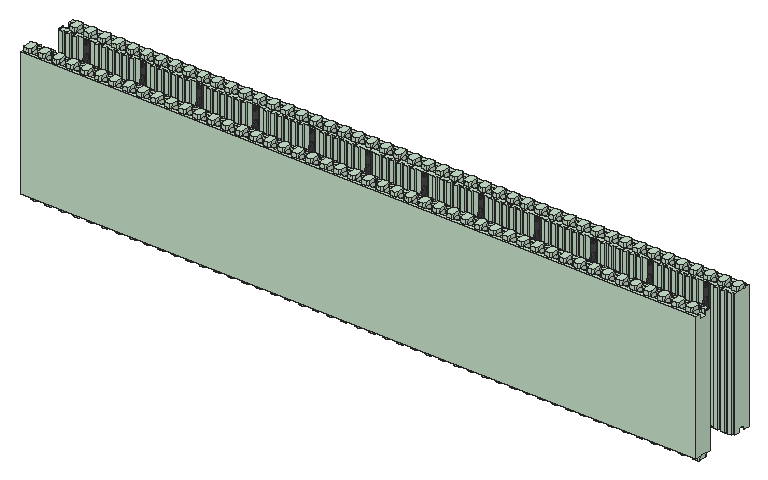
Revit family
Reference planes
  plane 1 "Center (Front/Back)": y = 0
  plane 2: z = 0
  plane 3 "Center (Left/Right)": x = 0
Forms (mm)
  Extrusion 1, solid, material "NUDURA Expanded Polystyrene Foam Insulation"
    sketch origin (0, 0.045, 0) x (1, 0, 0) y (0, 1, 0)
      loop
        line (7.142, 57.15) -> (5.558, 50.8) -> (19.842, 50.8) -> (18.258, 57.15) -> (32.542, 57.15) -> (30.958, 50.8) -> (45.242, 50.8) -> (43.658, 57.15) -> (57.942, 57.15) -> (56.358, 50.8) -> (70.642, 50.8) -> (69.058, 57.15) -> (134.142, 57.15) -> (132.558, 50.8) -> (146.842, 50.8) -> (145.258, 57.15) -> (159.542, 57.15) -> (157.958, 50.8) -> (172.242, 50.8) -> (170.658, 57.15) -> (184.942, 57.15) -> (183.358, 50.8) -> (197.642, 50.8) -> (196.058, 57.15) -> (210.342, 57.15) -> (208.758, 50.8) -> (223.042, 50.8) -> (221.458, 57.15) -> (235.742, 57.15) -> (234.158, 50.8) -> (248.442, 50.8) -> (246.858, 57.15) -> (261.142, 57.15) -> (259.558, 50.8) -> (273.842, 50.8) -> (272.258, 57.15) -> (337.342, 57.15) -> (335.758, 50.8) -> (350.042, 50.8) -> (348.458, 57.15) -> (362.742, 57.15) -> (361.158, 50.8) -> (375.442, 50.8) -> (373.858, 57.15) -> (388.142, 57.15) -> (386.558, 50.8) -> (400.842, 50.8) -> (399.258, 57.15) -> (413.542, 57.15) -> (411.958, 50.8) -> (426.242, 50.8) -> (424.658, 57.15) -> (438.942, 57.15) -> (437.358, 50.8) -> (451.642, 50.8) -> (450.058, 57.15) -> (464.342, 57.15) -> (462.758, 50.8) -> (477.042, 50.8) -> (475.458, 57.15) -> (540.542, 57.15) -> (538.958, 50.8) -> (553.242, 50.8) -> (551.658, 57.15) -> (565.942, 57.15) -> (564.358, 50.8) -> (578.642, 50.8) -> (577.058, 57.15) -> (591.342, 57.15) -> (589.758, 50.8) -> (604.042, 50.8) -> (602.458, 57.15) -> (616.742, 57.15) -> (615.158, 50.8) -> (629.442, 50.8) -> (627.858, 57.15) -> (642.142, 57.15) -> (640.558, 50.8) -> (654.842, 50.8) -> (653.258, 57.15) -> (667.542, 57.15) -> (665.958, 50.8) -> (680.242, 50.8) -> (678.658, 57.15) -> (743.742, 57.15) -> (742.158, 50.8) -> (756.442, 50.8) -> (754.858, 57.15) -> (769.142, 57.15) -> (767.558, 50.8) -> (781.842, 50.8) -> (780.258, 57.15) -> (794.542, 57.15) -> (792.958, 50.8) -> (807.242, 50.8) -> (805.658, 57.15) -> (819.942, 57.15) -> (818.358, 50.8) -> (832.642, 50.8) -> (831.058, 57.15) -> (845.342, 57.15) -> (843.758, 50.8) -> (858.042, 50.8) -> (856.458, 57.15) -> (870.742, 57.15) -> (869.158, 50.8) -> (883.442, 50.8) -> (881.858, 57.15) -> (946.942, 57.15) -> (945.358, 50.8) -> (959.642, 50.8) -> (958.058, 57.15) -> (972.342, 57.15) -> (970.758, 50.8) -> (985.042, 50.8) -> (983.458, 57.15) -> (997.742, 57.15) -> (996.158, 50.8) -> (1010.442, 50.8) -> (1008.858, 57.15) -> (1023.142, 57.15) -> (1021.558, 50.8) -> (1035.842, 50.8) -> (1034.258, 57.15) -> (1048.542, 57.15) -> (1046.958, 50.8) -> (1061.242, 50.8) -> (1059.658, 57.15) -> (1073.942, 57.15) -> (1072.358, 50.8) -> (1086.642, 50.8) -> (1085.058, 57.15) -> (1150.142, 57.15) -> (1148.558, 50.8) -> (1162.842, 50.8) -> (1161.258, 57.15) -> (1175.542, 57.15) -> (1173.958, 50.8) -> (1188.242, 50.8) -> (1186.658, 57.15) -> (1200.942, 57.15) -> (1199.358, 50.8) -> (1213.642, 50.8) -> (1212.058, 57.15) -> (1226.342, 57.15) -> (1224.758, 50.8) -> (1239.042, 50.8) -> (1237.458, 57.15) -> (1251.742, 57.15) -> (1250.158, 50.8) -> (1264.442, 50.8) -> (1262.858, 57.15) -> (1277.142, 57.15) -> (1275.558, 50.8) -> (1289.842, 50.8) -> (1288.258, 57.15) -> (1353.342, 57.15) -> (1351.758, 50.8) -> (1366.042, 50.8) -> (1364.458, 57.15) -> (1378.742, 57.15) -> (1377.158, 50.8) -> (1391.442, 50.8) -> (1389.858, 57.15) -> (1404.142, 57.15) -> (1402.558, 50.8) -> (1416.842, 50.8) -> (1415.258, 57.15) -> (1429.542, 57.15) -> (1427.958, 50.8) -> (1442.242, 50.8) -> (1440.658, 57.15) -> (1454.942, 57.15) -> (1453.358, 50.8) -> (1467.642, 50.8) -> (1466.058, 57.15) -> (1480.342, 57.15) -> (1478.758, 50.8) -> (1493.042, 50.8) -> (1491.458, 57.15) -> (1556.542, 57.15) -> (1554.958, 50.8) -> (1569.242, 50.8) -> (1567.658, 57.15) -> (1581.942, 57.15) -> (1580.358, 50.8) -> (1594.642, 50.8) -> (1593.058, 57.15) -> (1607.342, 57.15) -> (1605.758, 50.8) -> (1620.042, 50.8) -> (1618.458, 57.15) -> (1632.742, 57.15) -> (1631.158, 50.8) -> (1645.442, 50.8) -> (1643.858, 57.15) -> (1658.142, 57.15) -> (1656.558, 50.8) -> (1670.842, 50.8) -> (1669.258, 57.15) -> (1683.542, 57.15) -> (1681.958, 50.8) -> (1696.242, 50.8) -> (1694.658, 57.15) -> (1759.742, 57.15) -> (1758.158, 50.8) -> (1772.442, 50.8) -> (1770.858, 57.15) -> (1785.142, 57.15) -> (1783.558, 50.8) -> (1797.842, 50.8) -> (1796.258, 57.15) -> (1810.542, 57.15) -> (1808.958, 50.8) -> (1823.242, 50.8) -> (1821.658, 57.15) -> (1835.942, 57.15) -> (1834.358, 50.8) -> (1848.642, 50.8) -> (1847.058, 57.15) -> (1861.342, 57.15) -> (1859.758, 50.8) -> (1874.042, 50.8) -> (1872.458, 57.15) -> (1886.742, 57.15) -> (1885.158, 50.8) -> (1899.442, 50.8) -> (1897.858, 57.15) -> (1962.942, 57.15) -> (1961.358, 50.8) -> (1975.642, 50.8) -> (1974.058, 57.15) -> (1988.342, 57.15) -> (1986.758, 50.8) -> (2001.042, 50.8) -> (1999.458, 57.15) -> (2013.742, 57.15) -> (2012.158, 50.8) -> (2026.442, 50.8) -> (2024.858, 57.15) -> (2039.142, 57.15) -> (2037.558, 50.8) -> (2051.842, 50.8) -> (2050.258, 57.15) -> (2064.542, 57.15) -> (2062.958, 50.8) -> (2077.242, 50.8) -> (2075.658, 57.15) -> (2089.942, 57.15) -> (2088.358, 50.8) -> (2102.642, 50.8) -> (2101.058, 57.15) -> (2166.142, 57.15) -> (2164.558, 50.8) -> (2178.842, 50.8) -> (2177.258, 57.15) -> (2191.542, 57.15) -> (2189.958, 50.8) -> (2204.242, 50.8) -> (2202.658, 57.15) -> (2216.942, 57.15) -> (2215.358, 50.8) -> (2229.642, 50.8) -> (2228.058, 57.15) -> (2242.342, 57.15) -> (2240.758, 50.8) -> (2255.042, 50.8) -> (2253.458, 57.15) -> (2267.742, 57.15) -> (2266.158, 50.8) -> (2280.442, 50.8) -> (2278.858, 57.15) -> (2293.142, 57.15) -> (2291.558, 50.8) -> (2305.842, 50.8) -> (2304.258, 57.15) -> (2369.342, 57.15) -> (2367.758, 50.8) -> (2382.042, 50.8) -> (2380.458, 57.15) -> (2394.742, 57.15) -> (2393.158, 50.8) -> (2407.442, 50.8) -> (2405.858, 57.15) -> (2420.142, 57.15) -> (2418.558, 50.8) -> (2432.842, 50.8) -> (2431.258, 57.15) -> (2438.4, 57.15) -> (2438.4, 117.475) -> (0, 117.475) -> (0, 57.15) -> (7.142, 57.15)
      loop
        line (7.142, -57.15) -> (0, -57.15) -> (0, -117.475) -> (2438.4, -117.475) -> (2438.4, -57.15) -> (2431.258, -57.15) -> (2432.842, -50.8) -> (2418.558, -50.8) -> (2420.142, -57.15) -> (2405.858, -57.15) -> (2407.442, -50.8) -> (2393.158, -50.8) -> (2394.742, -57.15) -> (2380.458, -57.15) -> (2382.042, -50.8) -> (2367.758, -50.8) -> (2369.342, -57.15) -> (2304.258, -57.15) -> (2305.842, -50.8) -> (2291.558, -50.8) -> (2293.142, -57.15) -> (2278.858, -57.15) -> (2280.442, -50.8) -> (2266.158, -50.8) -> (2267.742, -57.15) -> (2253.458, -57.15) -> (2255.042, -50.8) -> (2240.758, -50.8) -> (2242.342, -57.15) -> (2228.058, -57.15) -> (2229.642, -50.8) -> (2215.358, -50.8) -> (2216.942, -57.15) -> (2202.658, -57.15) -> (2204.242, -50.8) -> (2189.958, -50.8) -> (2191.542, -57.15) -> (2177.258, -57.15) -> (2178.842, -50.8) -> (2164.558, -50.8) -> (2166.142, -57.15) -> (2101.058, -57.15) -> (2102.642, -50.8) -> (2088.358, -50.8) -> (2089.942, -57.15) -> (2075.658, -57.15) -> (2077.242, -50.8) -> (2062.958, -50.8) -> (2064.542, -57.15) -> (2050.258, -57.15) -> (2051.842, -50.8) -> (2037.558, -50.8) -> (2039.142, -57.15) -> (2024.858, -57.15) -> (2026.442, -50.8) -> (2012.158, -50.8) -> (2013.742, -57.15) -> (1999.458, -57.15) -> (2001.042, -50.8) -> (1986.758, -50.8) -> (1988.342, -57.15) -> (1974.058, -57.15) -> (1975.642, -50.8) -> (1961.358, -50.8) -> (1962.942, -57.15) -> (1897.858, -57.15) -> (1899.442, -50.8) -> (1885.158, -50.8) -> (1886.742, -57.15) -> (1872.458, -57.15) -> (1874.042, -50.8) -> (1859.758, -50.8) -> (1861.342, -57.15) -> (1847.058, -57.15) -> (1848.642, -50.8) -> (1834.358, -50.8) -> (1835.942, -57.15) -> (1821.658, -57.15) -> (1823.242, -50.8) -> (1808.958, -50.8) -> (1810.542, -57.15) -> (1796.258, -57.15) -> (1797.842, -50.8) -> (1783.558, -50.8) -> (1785.142, -57.15) -> (1770.858, -57.15) -> (1772.442, -50.8) -> (1758.158, -50.8) -> (1759.742, -57.15) -> (1694.658, -57.15) -> (1696.242, -50.8) -> (1681.958, -50.8) -> (1683.542, -57.15) -> (1669.258, -57.15) -> (1670.842, -50.8) -> (1656.558, -50.8) -> (1658.142, -57.15) -> (1643.858, -57.15) -> (1645.442, -50.8) -> (1631.158, -50.8) -> (1632.742, -57.15) -> (1618.458, -57.15) -> (1620.042, -50.8) -> (1605.758, -50.8) -> (1607.342, -57.15) -> (1593.058, -57.15) -> (1594.642, -50.8) -> (1580.358, -50.8) -> (1581.942, -57.15) -> (1567.658, -57.15) -> (1569.242, -50.8) -> (1554.958, -50.8) -> (1556.542, -57.15) -> (1491.458, -57.15) -> (1493.042, -50.8) -> (1478.758, -50.8) -> (1480.342, -57.15) -> (1466.058, -57.15) -> (1467.642, -50.8) -> (1453.358, -50.8) -> (1454.942, -57.15) -> (1440.658, -57.15) -> (1442.242, -50.8) -> (1427.958, -50.8) -> (1429.542, -57.15) -> (1415.258, -57.15) -> (1416.842, -50.8) -> (1402.558, -50.8) -> (1404.142, -57.15) -> (1389.858, -57.15) -> (1391.442, -50.8) -> (1377.158, -50.8) -> (1378.742, -57.15) -> (1364.458, -57.15) -> (1366.042, -50.8) -> (1351.758, -50.8) -> (1353.342, -57.15) -> (1288.258, -57.15) -> (1289.842, -50.8) -> (1275.558, -50.8) -> (1277.142, -57.15) -> (1262.858, -57.15) -> (1264.442, -50.8) -> (1250.158, -50.8) -> (1251.742, -57.15) -> (1237.458, -57.15) -> (1239.042, -50.8) -> (1224.758, -50.8) -> (1226.342, -57.15) -> (1212.058, -57.15) -> (1213.642, -50.8) -> (1199.358, -50.8) -> (1200.942, -57.15) -> (1186.658, -57.15) -> (1188.242, -50.8) -> (1173.958, -50.8) -> (1175.542, -57.15) -> (1161.258, -57.15) -> (1162.842, -50.8) -> (1148.558, -50.8) -> (1150.142, -57.15) -> (1085.058, -57.15) -> (1086.642, -50.8) -> (1072.358, -50.8) -> (1073.942, -57.15) -> (1059.658, -57.15) -> (1061.242, -50.8) -> (1046.958, -50.8) -> (1048.542, -57.15) -> (1034.258, -57.15) -> (1035.842, -50.8) -> (1021.558, -50.8) -> (1023.142, -57.15) -> (1008.858, -57.15) -> (1010.442, -50.8) -> (996.158, -50.8) -> (997.742, -57.15) -> (983.458, -57.15) -> (985.042, -50.8) -> (970.758, -50.8) -> (972.342, -57.15) -> (958.058, -57.15) -> (959.642, -50.8) -> (945.358, -50.8) -> (946.942, -57.15) -> (881.858, -57.15) -> (883.442, -50.8) -> (869.158, -50.8) -> (870.742, -57.15) -> (856.458, -57.15) -> (858.042, -50.8) -> (843.758, -50.8) -> (845.342, -57.15) -> (831.058, -57.15) -> (832.642, -50.8) -> (818.358, -50.8) -> (819.942, -57.15) -> (805.658, -57.15) -> (807.242, -50.8) -> (792.958, -50.8) -> (794.542, -57.15) -> (780.258, -57.15) -> (781.842, -50.8) -> (767.558, -50.8) -> (769.142, -57.15) -> (754.858, -57.15) -> (756.442, -50.8) -> (742.158, -50.8) -> (743.742, -57.15) -> (678.658, -57.15) -> (680.242, -50.8) -> (665.958, -50.8) -> (667.542, -57.15) -> (653.258, -57.15) -> (654.842, -50.8) -> (640.558, -50.8) -> (642.142, -57.15) -> (627.858, -57.15) -> (629.442, -50.8) -> (615.158, -50.8) -> (616.742, -57.15) -> (602.458, -57.15) -> (604.042, -50.8) -> (589.758, -50.8) -> (591.342, -57.15) -> (577.058, -57.15) -> (578.642, -50.8) -> (564.358, -50.8) -> (565.942, -57.15) -> (551.658, -57.15) -> (553.242, -50.8) -> (538.958, -50.8) -> (540.542, -57.15) -> (475.458, -57.15) -> (477.042, -50.8) -> (462.758, -50.8) -> (464.342, -57.15) -> (450.058, -57.15) -> (451.642, -50.8) -> (437.358, -50.8) -> (438.942, -57.15) -> (424.658, -57.15) -> (426.242, -50.8) -> (411.958, -50.8) -> (413.542, -57.15) -> (399.258, -57.15) -> (400.842, -50.8) -> (386.558, -50.8) -> (388.142, -57.15) -> (373.858, -57.15) -> (375.442, -50.8) -> (361.158, -50.8) -> (362.742, -57.15) -> (348.458, -57.15) -> (350.042, -50.8) -> (335.758, -50.8) -> (337.342, -57.15) -> (272.258, -57.15) -> (273.842, -50.8) -> (259.558, -50.8) -> (261.142, -57.15) -> (246.858, -57.15) -> (248.442, -50.8) -> (234.158, -50.8) -> (235.742, -57.15) -> (221.458, -57.15) -> (223.042, -50.8) -> (208.758, -50.8) -> (210.342, -57.15) -> (196.058, -57.15) -> (197.642, -50.8) -> (183.358, -50.8) -> (184.942, -57.15) -> (170.658, -57.15) -> (172.242, -50.8) -> (157.958, -50.8) -> (159.542, -57.15) -> (145.258, -57.15) -> (146.842, -50.8) -> (132.558, -50.8) -> (134.142, -57.15) -> (69.058, -57.15) -> (70.642, -50.8) -> (56.358, -50.8) -> (57.942, -57.15) -> (43.658, -57.15) -> (45.242, -50.8) -> (30.958, -50.8) -> (32.542, -57.15) -> (18.258, -57.15) -> (19.842, -50.8) -> (5.558, -50.8) -> (7.142, -57.15)
    from 0 to 457.2
  Extrusion 2, void
    sketch origin (0, 25.445, 0) x (1, 0, 0) y (0, 1, 0)
      loop
        arc (25.4, -124.411) -> (26.615, -128.147) -> (29.796, -130.453) r 6.35
        arc (29.796, -130.453) -> (38.1, -131.763) -> (46.404, -130.453) r 26.987
        arc (46.404, -130.453) -> (49.585, -128.147) -> (50.8, -124.411) r 6.35
        line (50.8, -124.411) -> (50.8, -101.014)
        arc (50.8, -101.014) -> (50.362, -98.696) -> (49.108, -96.698) r 6.35
        arc (49.108, -96.698) -> (48.795, -96.199) -> (48.685, -95.62) r 1.588
        line (48.685, -95.62) -> (48.685, -86.829) -> (44.346, -86.829) -> (44.346, -92.457)
        arc (44.346, -92.457) -> (43.786, -93.668) -> (42.5, -94.024) r 1.587
        arc (42.5, -94.024) -> (36.091, -93.737) -> (29.796, -94.972) r 26.988
        arc (29.796, -94.972) -> (26.615, -97.278) -> (25.4, -101.014) r 6.35
        line (25.4, -101.014) -> (25.4, -124.411)
    from 457.2 to 444.5
  Extrusion 3, void
    sketch origin (50.8, 25.445, 0) x (1, 0, 0) y (0, 1, 0)
      loop
        arc (25.4, -124.411) -> (26.615, -128.147) -> (29.796, -130.453) r 6.35
        arc (29.796, -130.453) -> (38.1, -131.763) -> (46.404, -130.453) r 26.987
        arc (46.404, -130.453) -> (49.585, -128.147) -> (50.8, -124.411) r 6.35
        line (50.8, -124.411) -> (50.8, -101.014)
        arc (50.8, -101.014) -> (50.362, -98.696) -> (49.108, -96.698) r 6.35
        arc (49.108, -96.698) -> (48.795, -96.199) -> (48.685, -95.62) r 1.588
        line (48.685, -95.62) -> (48.685, -86.829) -> (44.346, -86.829) -> (44.346, -92.457)
        arc (44.346, -92.457) -> (43.786, -93.668) -> (42.5, -94.024) r 1.587
        arc (42.5, -94.024) -> (36.091, -93.737) -> (29.796, -94.972) r 26.988
        arc (29.796, -94.972) -> (26.615, -97.278) -> (25.4, -101.014) r 6.35
        line (25.4, -101.014) -> (25.4, -124.411)
    from 457.2 to 444.5
  Extrusion 4, void
    sketch origin (101.6, 25.445, 0) x (1, 0, 0) y (0, 1, 0)
      loop
        arc (25.4, -124.411) -> (26.615, -128.147) -> (29.796, -130.453) r 6.35
        arc (29.796, -130.453) -> (38.1, -131.763) -> (46.404, -130.453) r 26.987
        arc (46.404, -130.453) -> (49.585, -128.147) -> (50.8, -124.411) r 6.35
        line (50.8, -124.411) -> (50.8, -101.014)
        arc (50.8, -101.014) -> (50.362, -98.696) -> (49.108, -96.698) r 6.35
        arc (49.108, -96.698) -> (48.795, -96.199) -> (48.685, -95.62) r 1.588
        line (48.685, -95.62) -> (48.685, -86.829) -> (44.346, -86.829) -> (44.346, -92.457)
        arc (44.346, -92.457) -> (43.786, -93.668) -> (42.5, -94.024) r 1.587
        arc (42.5, -94.024) -> (36.091, -93.737) -> (29.796, -94.972) r 26.988
        arc (29.796, -94.972) -> (26.615, -97.278) -> (25.4, -101.014) r 6.35
        line (25.4, -101.014) -> (25.4, -124.411)
    from 457.2 to 444.5
  Extrusion 5, void
    sketch origin (152.4, 25.445, 0) x (1, 0, 0) y (0, 1, 0)
      loop
        arc (25.4, -124.411) -> (26.615, -128.147) -> (29.796, -130.453) r 6.35
        arc (29.796, -130.453) -> (38.1, -131.763) -> (46.404, -130.453) r 26.987
        arc (46.404, -130.453) -> (49.585, -128.147) -> (50.8, -124.411) r 6.35
        line (50.8, -124.411) -> (50.8, -101.014)
        arc (50.8, -101.014) -> (50.362, -98.696) -> (49.108, -96.698) r 6.35
        arc (49.108, -96.698) -> (48.795, -96.199) -> (48.685, -95.62) r 1.588
        line (48.685, -95.62) -> (48.685, -86.829) -> (44.346, -86.829) -> (44.346, -92.457)
        arc (44.346, -92.457) -> (43.786, -93.668) -> (42.5, -94.024) r 1.587
        arc (42.5, -94.024) -> (36.091, -93.737) -> (29.796, -94.972) r 26.988
        arc (29.796, -94.972) -> (26.615, -97.278) -> (25.4, -101.014) r 6.35
        line (25.4, -101.014) -> (25.4, -124.411)
    from 457.2 to 444.5
  Extrusion 6, void
    sketch origin (203.2, 25.445, 0) x (1, 0, 0) y (0, 1, 0)
      loop
        arc (25.4, -124.411) -> (26.615, -128.147) -> (29.796, -130.453) r 6.35
        arc (29.796, -130.453) -> (38.1, -131.763) -> (46.404, -130.453) r 26.987
        arc (46.404, -130.453) -> (49.585, -128.147) -> (50.8, -124.411) r 6.35
        line (50.8, -124.411) -> (50.8, -101.014)
        arc (50.8, -101.014) -> (50.362, -98.696) -> (49.108, -96.698) r 6.35
        arc (49.108, -96.698) -> (48.795, -96.199) -> (48.685, -95.62) r 1.588
        line (48.685, -95.62) -> (48.685, -86.829) -> (44.346, -86.829) -> (44.346, -92.457)
        arc (44.346, -92.457) -> (43.786, -93.668) -> (42.5, -94.024) r 1.587
        arc (42.5, -94.024) -> (36.091, -93.737) -> (29.796, -94.972) r 26.988
        arc (29.796, -94.972) -> (26.615, -97.278) -> (25.4, -101.014) r 6.35
        line (25.4, -101.014) -> (25.4, -124.411)
    from 457.2 to 444.5
  Extrusion 7, void
    sketch origin (254, 25.445, 0) x (1, 0, 0) y (0, 1, 0)
      loop
        arc (25.4, -124.411) -> (26.615, -128.147) -> (29.796, -130.453) r 6.35
        arc (29.796, -130.453) -> (38.1, -131.763) -> (46.404, -130.453) r 26.987
        arc (46.404, -130.453) -> (49.585, -128.147) -> (50.8, -124.411) r 6.35
        line (50.8, -124.411) -> (50.8, -101.014)
        arc (50.8, -101.014) -> (50.362, -98.696) -> (49.108, -96.698) r 6.35
        arc (49.108, -96.698) -> (48.795, -96.199) -> (48.685, -95.62) r 1.588
        line (48.685, -95.62) -> (48.685, -86.829) -> (44.346, -86.829) -> (44.346, -92.457)
        arc (44.346, -92.457) -> (43.786, -93.668) -> (42.5, -94.024) r 1.587
        arc (42.5, -94.024) -> (36.091, -93.737) -> (29.796, -94.972) r 26.988
        arc (29.796, -94.972) -> (26.615, -97.278) -> (25.4, -101.014) r 6.35
        line (25.4, -101.014) -> (25.4, -124.411)
    from 457.2 to 444.5
  Extrusion 8, void
    sketch origin (304.8, 25.445, 0) x (1, 0, 0) y (0, 1, 0)
      loop
        arc (25.4, -124.411) -> (26.615, -128.147) -> (29.796, -130.453) r 6.35
        arc (29.796, -130.453) -> (38.1, -131.763) -> (46.404, -130.453) r 26.987
        arc (46.404, -130.453) -> (49.585, -128.147) -> (50.8, -124.411) r 6.35
        line (50.8, -124.411) -> (50.8, -101.014)
        arc (50.8, -101.014) -> (50.362, -98.696) -> (49.108, -96.698) r 6.35
        arc (49.108, -96.698) -> (48.795, -96.199) -> (48.685, -95.62) r 1.588
        line (48.685, -95.62) -> (48.685, -86.829) -> (44.346, -86.829) -> (44.346, -92.457)
        arc (44.346, -92.457) -> (43.786, -93.668) -> (42.5, -94.024) r 1.587
        arc (42.5, -94.024) -> (36.091, -93.737) -> (29.796, -94.972) r 26.988
        arc (29.796, -94.972) -> (26.615, -97.278) -> (25.4, -101.014) r 6.35
        line (25.4, -101.014) -> (25.4, -124.411)
    from 457.2 to 444.5
  Extrusion 9, void
    sketch origin (355.6, 25.445, 0) x (1, 0, 0) y (0, 1, 0)
      loop
        arc (25.4, -124.411) -> (26.615, -128.147) -> (29.796, -130.453) r 6.35
        arc (29.796, -130.453) -> (38.1, -131.763) -> (46.404, -130.453) r 26.987
        arc (46.404, -130.453) -> (49.585, -128.147) -> (50.8, -124.411) r 6.35
        line (50.8, -124.411) -> (50.8, -101.014)
        arc (50.8, -101.014) -> (50.362, -98.696) -> (49.108, -96.698) r 6.35
        arc (49.108, -96.698) -> (48.795, -96.199) -> (48.685, -95.62) r 1.588
        line (48.685, -95.62) -> (48.685, -86.829) -> (44.346, -86.829) -> (44.346, -92.457)
        arc (44.346, -92.457) -> (43.786, -93.668) -> (42.5, -94.024) r 1.587
        arc (42.5, -94.024) -> (36.091, -93.737) -> (29.796, -94.972) r 26.988
        arc (29.796, -94.972) -> (26.615, -97.278) -> (25.4, -101.014) r 6.35
        line (25.4, -101.014) -> (25.4, -124.411)
    from 457.2 to 444.5
  Extrusion 10, void
    sketch origin (406.4, 25.445, 0) x (1, 0, 0) y (0, 1, 0)
      loop
        arc (25.4, -124.411) -> (26.615, -128.147) -> (29.796, -130.453) r 6.35
        arc (29.796, -130.453) -> (38.1, -131.763) -> (46.404, -130.453) r 26.987
        arc (46.404, -130.453) -> (49.585, -128.147) -> (50.8, -124.411) r 6.35
        line (50.8, -124.411) -> (50.8, -101.014)
        arc (50.8, -101.014) -> (50.362, -98.696) -> (49.108, -96.698) r 6.35
        arc (49.108, -96.698) -> (48.795, -96.199) -> (48.685, -95.62) r 1.588
        line (48.685, -95.62) -> (48.685, -86.829) -> (44.346, -86.829) -> (44.346, -92.457)
        arc (44.346, -92.457) -> (43.786, -93.668) -> (42.5, -94.024) r 1.587
        arc (42.5, -94.024) -> (36.091, -93.737) -> (29.796, -94.972) r 26.988
        arc (29.796, -94.972) -> (26.615, -97.278) -> (25.4, -101.014) r 6.35
        line (25.4, -101.014) -> (25.4, -124.411)
    from 457.2 to 444.5
  Extrusion 11, void
    sketch origin (457.2, 25.445, 0) x (1, 0, 0) y (0, 1, 0)
      loop
        arc (25.4, -124.411) -> (26.615, -128.147) -> (29.796, -130.453) r 6.35
        arc (29.796, -130.453) -> (38.1, -131.763) -> (46.404, -130.453) r 26.987
        arc (46.404, -130.453) -> (49.585, -128.147) -> (50.8, -124.411) r 6.35
        line (50.8, -124.411) -> (50.8, -101.014)
        arc (50.8, -101.014) -> (50.362, -98.696) -> (49.108, -96.698) r 6.35
        arc (49.108, -96.698) -> (48.795, -96.199) -> (48.685, -95.62) r 1.588
        line (48.685, -95.62) -> (48.685, -86.829) -> (44.346, -86.829) -> (44.346, -92.457)
        arc (44.346, -92.457) -> (43.786, -93.668) -> (42.5, -94.024) r 1.587
        arc (42.5, -94.024) -> (36.091, -93.737) -> (29.796, -94.972) r 26.988
        arc (29.796, -94.972) -> (26.615, -97.278) -> (25.4, -101.014) r 6.35
        line (25.4, -101.014) -> (25.4, -124.411)
    from 457.2 to 444.5
  Extrusion 12, void
    sketch origin (508, 25.445, 0) x (1, 0, 0) y (0, 1, 0)
      loop
        arc (25.4, -124.411) -> (26.615, -128.147) -> (29.796, -130.453) r 6.35
        arc (29.796, -130.453) -> (38.1, -131.763) -> (46.404, -130.453) r 26.987
        arc (46.404, -130.453) -> (49.585, -128.147) -> (50.8, -124.411) r 6.35
        line (50.8, -124.411) -> (50.8, -101.014)
        arc (50.8, -101.014) -> (50.362, -98.696) -> (49.108, -96.698) r 6.35
        arc (49.108, -96.698) -> (48.795, -96.199) -> (48.685, -95.62) r 1.588
        line (48.685, -95.62) -> (48.685, -86.829) -> (44.346, -86.829) -> (44.346, -92.457)
        arc (44.346, -92.457) -> (43.786, -93.668) -> (42.5, -94.024) r 1.587
        arc (42.5, -94.024) -> (36.091, -93.737) -> (29.796, -94.972) r 26.988
        arc (29.796, -94.972) -> (26.615, -97.278) -> (25.4, -101.014) r 6.35
        line (25.4, -101.014) -> (25.4, -124.411)
    from 457.2 to 444.5
  Extrusion 13, void
    sketch origin (558.8, 25.445, 0) x (1, 0, 0) y (0, 1, 0)
      loop
        arc (25.4, -124.411) -> (26.615, -128.147) -> (29.796, -130.453) r 6.35
        arc (29.796, -130.453) -> (38.1, -131.763) -> (46.404, -130.453) r 26.987
        arc (46.404, -130.453) -> (49.585, -128.147) -> (50.8, -124.411) r 6.35
        line (50.8, -124.411) -> (50.8, -101.014)
        arc (50.8, -101.014) -> (50.362, -98.696) -> (49.108, -96.698) r 6.35
        arc (49.108, -96.698) -> (48.795, -96.199) -> (48.685, -95.62) r 1.588
        line (48.685, -95.62) -> (48.685, -86.829) -> (44.346, -86.829) -> (44.346, -92.457)
        arc (44.346, -92.457) -> (43.786, -93.668) -> (42.5, -94.024) r 1.587
        arc (42.5, -94.024) -> (36.091, -93.737) -> (29.796, -94.972) r 26.988
        arc (29.796, -94.972) -> (26.615, -97.278) -> (25.4, -101.014) r 6.35
        line (25.4, -101.014) -> (25.4, -124.411)
    from 457.2 to 444.5
  Extrusion 14, void
    sketch origin (609.6, 25.445, 0) x (1, 0, 0) y (0, 1, 0)
      loop
        arc (25.4, -124.411) -> (26.615, -128.147) -> (29.796, -130.453) r 6.35
        arc (29.796, -130.453) -> (38.1, -131.763) -> (46.404, -130.453) r 26.987
        arc (46.404, -130.453) -> (49.585, -128.147) -> (50.8, -124.411) r 6.35
        line (50.8, -124.411) -> (50.8, -101.014)
        arc (50.8, -101.014) -> (50.362, -98.696) -> (49.108, -96.698) r 6.35
        arc (49.108, -96.698) -> (48.795, -96.199) -> (48.685, -95.62) r 1.588
        line (48.685, -95.62) -> (48.685, -86.829) -> (44.346, -86.829) -> (44.346, -92.457)
        arc (44.346, -92.457) -> (43.786, -93.668) -> (42.5, -94.024) r 1.587
        arc (42.5, -94.024) -> (36.091, -93.737) -> (29.796, -94.972) r 26.988
        arc (29.796, -94.972) -> (26.615, -97.278) -> (25.4, -101.014) r 6.35
        line (25.4, -101.014) -> (25.4, -124.411)
    from 457.2 to 444.5
  Extrusion 15, void
    sketch origin (660.4, 25.445, 0) x (1, 0, 0) y (0, 1, 0)
      loop
        arc (25.4, -124.411) -> (26.615, -128.147) -> (29.796, -130.453) r 6.35
        arc (29.796, -130.453) -> (38.1, -131.763) -> (46.404, -130.453) r 26.987
        arc (46.404, -130.453) -> (49.585, -128.147) -> (50.8, -124.411) r 6.35
        line (50.8, -124.411) -> (50.8, -101.014)
        arc (50.8, -101.014) -> (50.362, -98.696) -> (49.108, -96.698) r 6.35
        arc (49.108, -96.698) -> (48.795, -96.199) -> (48.685, -95.62) r 1.588
        line (48.685, -95.62) -> (48.685, -86.829) -> (44.346, -86.829) -> (44.346, -92.457)
        arc (44.346, -92.457) -> (43.786, -93.668) -> (42.5, -94.024) r 1.587
        arc (42.5, -94.024) -> (36.091, -93.737) -> (29.796, -94.972) r 26.988
        arc (29.796, -94.972) -> (26.615, -97.278) -> (25.4, -101.014) r 6.35
        line (25.4, -101.014) -> (25.4, -124.411)
    from 457.2 to 444.5
  Extrusion 16, void
    sketch origin (711.2, 25.445, 0) x (1, 0, 0) y (0, 1, 0)
      loop
        arc (25.4, -124.411) -> (26.615, -128.147) -> (29.796, -130.453) r 6.35
        arc (29.796, -130.453) -> (38.1, -131.763) -> (46.404, -130.453) r 26.987
        arc (46.404, -130.453) -> (49.585, -128.147) -> (50.8, -124.411) r 6.35
        line (50.8, -124.411) -> (50.8, -101.014)
        arc (50.8, -101.014) -> (50.362, -98.696) -> (49.108, -96.698) r 6.35
        arc (49.108, -96.698) -> (48.795, -96.199) -> (48.685, -95.62) r 1.588
        line (48.685, -95.62) -> (48.685, -86.829) -> (44.346, -86.829) -> (44.346, -92.457)
        arc (44.346, -92.457) -> (43.786, -93.668) -> (42.5, -94.024) r 1.587
        arc (42.5, -94.024) -> (36.091, -93.737) -> (29.796, -94.972) r 26.988
        arc (29.796, -94.972) -> (26.615, -97.278) -> (25.4, -101.014) r 6.35
        line (25.4, -101.014) -> (25.4, -124.411)
    from 457.2 to 444.5
  Extrusion 17, void
    sketch origin (762, 25.445, 0) x (1, 0, 0) y (0, 1, 0)
      loop
        arc (25.4, -124.411) -> (26.615, -128.147) -> (29.796, -130.453) r 6.35
        arc (29.796, -130.453) -> (38.1, -131.763) -> (46.404, -130.453) r 26.987
        arc (46.404, -130.453) -> (49.585, -128.147) -> (50.8, -124.411) r 6.35
        line (50.8, -124.411) -> (50.8, -101.014)
        arc (50.8, -101.014) -> (50.362, -98.696) -> (49.108, -96.698) r 6.35
        arc (49.108, -96.698) -> (48.795, -96.199) -> (48.685, -95.62) r 1.588
        line (48.685, -95.62) -> (48.685, -86.829) -> (44.346, -86.829) -> (44.346, -92.457)
        arc (44.346, -92.457) -> (43.786, -93.668) -> (42.5, -94.024) r 1.587
        arc (42.5, -94.024) -> (36.091, -93.737) -> (29.796, -94.972) r 26.988
        arc (29.796, -94.972) -> (26.615, -97.278) -> (25.4, -101.014) r 6.35
        line (25.4, -101.014) -> (25.4, -124.411)
    from 457.2 to 444.5
  Extrusion 18, void
    sketch origin (812.8, 25.445, 0) x (1, 0, 0) y (0, 1, 0)
      loop
        arc (25.4, -124.411) -> (26.615, -128.147) -> (29.796, -130.453) r 6.35
        arc (29.796, -130.453) -> (38.1, -131.763) -> (46.404, -130.453) r 26.987
        arc (46.404, -130.453) -> (49.585, -128.147) -> (50.8, -124.411) r 6.35
        line (50.8, -124.411) -> (50.8, -101.014)
        arc (50.8, -101.014) -> (50.362, -98.696) -> (49.108, -96.698) r 6.35
        arc (49.108, -96.698) -> (48.795, -96.199) -> (48.685, -95.62) r 1.588
        line (48.685, -95.62) -> (48.685, -86.829) -> (44.346, -86.829) -> (44.346, -92.457)
        arc (44.346, -92.457) -> (43.786, -93.668) -> (42.5, -94.024) r 1.587
        arc (42.5, -94.024) -> (36.091, -93.737) -> (29.796, -94.972) r 26.988
        arc (29.796, -94.972) -> (26.615, -97.278) -> (25.4, -101.014) r 6.35
        line (25.4, -101.014) -> (25.4, -124.411)
    from 457.2 to 444.5
  Extrusion 19, void
    sketch origin (863.6, 25.445, 0) x (1, 0, 0) y (0, 1, 0)
      loop
        arc (25.4, -124.411) -> (26.615, -128.147) -> (29.796, -130.453) r 6.35
        arc (29.796, -130.453) -> (38.1, -131.763) -> (46.404, -130.453) r 26.987
        arc (46.404, -130.453) -> (49.585, -128.147) -> (50.8, -124.411) r 6.35
        line (50.8, -124.411) -> (50.8, -101.014)
        arc (50.8, -101.014) -> (50.362, -98.696) -> (49.108, -96.698) r 6.35
        arc (49.108, -96.698) -> (48.795, -96.199) -> (48.685, -95.62) r 1.588
        line (48.685, -95.62) -> (48.685, -86.829) -> (44.346, -86.829) -> (44.346, -92.457)
        arc (44.346, -92.457) -> (43.786, -93.668) -> (42.5, -94.024) r 1.587
        arc (42.5, -94.024) -> (36.091, -93.737) -> (29.796, -94.972) r 26.988
        arc (29.796, -94.972) -> (26.615, -97.278) -> (25.4, -101.014) r 6.35
        line (25.4, -101.014) -> (25.4, -124.411)
    from 457.2 to 444.5
  Extrusion 20, void
    sketch origin (914.4, 25.445, 0) x (1, 0, 0) y (0, 1, 0)
      loop
        arc (25.4, -124.411) -> (26.615, -128.147) -> (29.796, -130.453) r 6.35
        arc (29.796, -130.453) -> (38.1, -131.763) -> (46.404, -130.453) r 26.987
        arc (46.404, -130.453) -> (49.585, -128.147) -> (50.8, -124.411) r 6.35
        line (50.8, -124.411) -> (50.8, -101.014)
        arc (50.8, -101.014) -> (50.362, -98.696) -> (49.108, -96.698) r 6.35
        arc (49.108, -96.698) -> (48.795, -96.199) -> (48.685, -95.62) r 1.588
        line (48.685, -95.62) -> (48.685, -86.829) -> (44.346, -86.829) -> (44.346, -92.457)
        arc (44.346, -92.457) -> (43.786, -93.668) -> (42.5, -94.024) r 1.587
        arc (42.5, -94.024) -> (36.091, -93.737) -> (29.796, -94.972) r 26.988
        arc (29.796, -94.972) -> (26.615, -97.278) -> (25.4, -101.014) r 6.35
        line (25.4, -101.014) -> (25.4, -124.411)
    from 457.2 to 444.5
  Extrusion 21, void
    sketch origin (965.2, 25.445, 0) x (1, 0, 0) y (0, 1, 0)
      loop
        arc (25.4, -124.411) -> (26.615, -128.147) -> (29.796, -130.453) r 6.35
        arc (29.796, -130.453) -> (38.1, -131.763) -> (46.404, -130.453) r 26.987
        arc (46.404, -130.453) -> (49.585, -128.147) -> (50.8, -124.411) r 6.35
        line (50.8, -124.411) -> (50.8, -101.014)
        arc (50.8, -101.014) -> (50.362, -98.696) -> (49.108, -96.698) r 6.35
        arc (49.108, -96.698) -> (48.795, -96.199) -> (48.685, -95.62) r 1.588
        line (48.685, -95.62) -> (48.685, -86.829) -> (44.346, -86.829) -> (44.346, -92.457)
        arc (44.346, -92.457) -> (43.786, -93.668) -> (42.5, -94.024) r 1.587
        arc (42.5, -94.024) -> (36.091, -93.737) -> (29.796, -94.972) r 26.988
        arc (29.796, -94.972) -> (26.615, -97.278) -> (25.4, -101.014) r 6.35
        line (25.4, -101.014) -> (25.4, -124.411)
    from 457.2 to 444.5
  Extrusion 22, void
    sketch origin (1016, 25.445, 0) x (1, 0, 0) y (0, 1, 0)
      loop
        arc (25.4, -124.411) -> (26.615, -128.147) -> (29.796, -130.453) r 6.35
        arc (29.796, -130.453) -> (38.1, -131.763) -> (46.404, -130.453) r 26.987
        arc (46.404, -130.453) -> (49.585, -128.147) -> (50.8, -124.411) r 6.35
        line (50.8, -124.411) -> (50.8, -101.014)
        arc (50.8, -101.014) -> (50.362, -98.696) -> (49.108, -96.698) r 6.35
        arc (49.108, -96.698) -> (48.795, -96.199) -> (48.685, -95.62) r 1.588
        line (48.685, -95.62) -> (48.685, -86.829) -> (44.346, -86.829) -> (44.346, -92.457)
        arc (44.346, -92.457) -> (43.786, -93.668) -> (42.5, -94.024) r 1.587
        arc (42.5, -94.024) -> (36.091, -93.737) -> (29.796, -94.972) r 26.988
        arc (29.796, -94.972) -> (26.615, -97.278) -> (25.4, -101.014) r 6.35
        line (25.4, -101.014) -> (25.4, -124.411)
    from 457.2 to 444.5
  Extrusion 23, void
    sketch origin (1066.8, 25.445, 0) x (1, 0, 0) y (0, 1, 0)
      loop
        arc (25.4, -124.411) -> (26.615, -128.147) -> (29.796, -130.453) r 6.35
        arc (29.796, -130.453) -> (38.1, -131.763) -> (46.404, -130.453) r 26.987
        arc (46.404, -130.453) -> (49.585, -128.147) -> (50.8, -124.411) r 6.35
        line (50.8, -124.411) -> (50.8, -101.014)
        arc (50.8, -101.014) -> (50.362, -98.696) -> (49.108, -96.698) r 6.35
        arc (49.108, -96.698) -> (48.795, -96.199) -> (48.685, -95.62) r 1.588
        line (48.685, -95.62) -> (48.685, -86.829) -> (44.346, -86.829) -> (44.346, -92.457)
        arc (44.346, -92.457) -> (43.786, -93.668) -> (42.5, -94.024) r 1.587
        arc (42.5, -94.024) -> (36.091, -93.737) -> (29.796, -94.972) r 26.988
        arc (29.796, -94.972) -> (26.615, -97.278) -> (25.4, -101.014) r 6.35
        line (25.4, -101.014) -> (25.4, -124.411)
    from 457.2 to 444.5
  Extrusion 24, void
    sketch origin (1117.6, 25.445, 0) x (1, 0, 0) y (0, 1, 0)
      loop
        arc (25.4, -124.411) -> (26.615, -128.147) -> (29.796, -130.453) r 6.35
        arc (29.796, -130.453) -> (38.1, -131.763) -> (46.404, -130.453) r 26.987
        arc (46.404, -130.453) -> (49.585, -128.147) -> (50.8, -124.411) r 6.35
        line (50.8, -124.411) -> (50.8, -101.014)
        arc (50.8, -101.014) -> (50.362, -98.696) -> (49.108, -96.698) r 6.35
        arc (49.108, -96.698) -> (48.795, -96.199) -> (48.685, -95.62) r 1.588
        line (48.685, -95.62) -> (48.685, -86.829) -> (44.346, -86.829) -> (44.346, -92.457)
        arc (44.346, -92.457) -> (43.786, -93.668) -> (42.5, -94.024) r 1.587
        arc (42.5, -94.024) -> (36.091, -93.737) -> (29.796, -94.972) r 26.988
        arc (29.796, -94.972) -> (26.615, -97.278) -> (25.4, -101.014) r 6.35
        line (25.4, -101.014) -> (25.4, -124.411)
    from 457.2 to 444.5
  Extrusion 25, void
    sketch origin (1168.4, 25.445, 0) x (1, 0, 0) y (0, 1, 0)
      loop
        arc (25.4, -124.411) -> (26.615, -128.147) -> (29.796, -130.453) r 6.35
        arc (29.796, -130.453) -> (38.1, -131.763) -> (46.404, -130.453) r 26.987
        arc (46.404, -130.453) -> (49.585, -128.147) -> (50.8, -124.411) r 6.35
        line (50.8, -124.411) -> (50.8, -101.014)
        arc (50.8, -101.014) -> (50.362, -98.696) -> (49.108, -96.698) r 6.35
        arc (49.108, -96.698) -> (48.795, -96.199) -> (48.685, -95.62) r 1.588
        line (48.685, -95.62) -> (48.685, -86.829) -> (44.346, -86.829) -> (44.346, -92.457)
        arc (44.346, -92.457) -> (43.786, -93.668) -> (42.5, -94.024) r 1.587
        arc (42.5, -94.024) -> (36.091, -93.737) -> (29.796, -94.972) r 26.988
        arc (29.796, -94.972) -> (26.615, -97.278) -> (25.4, -101.014) r 6.35
        line (25.4, -101.014) -> (25.4, -124.411)
    from 457.2 to 444.5
  Extrusion 26, void
    sketch origin (1219.2, 25.445, 0) x (1, 0, 0) y (0, 1, 0)
      loop
        arc (25.4, -124.411) -> (26.615, -128.147) -> (29.796, -130.453) r 6.35
        arc (29.796, -130.453) -> (38.1, -131.763) -> (46.404, -130.453) r 26.987
        arc (46.404, -130.453) -> (49.585, -128.147) -> (50.8, -124.411) r 6.35
        line (50.8, -124.411) -> (50.8, -101.014)
        arc (50.8, -101.014) -> (50.362, -98.696) -> (49.108, -96.698) r 6.35
        arc (49.108, -96.698) -> (48.795, -96.199) -> (48.685, -95.62) r 1.588
        line (48.685, -95.62) -> (48.685, -86.829) -> (44.346, -86.829) -> (44.346, -92.457)
        arc (44.346, -92.457) -> (43.786, -93.668) -> (42.5, -94.024) r 1.587
        arc (42.5, -94.024) -> (36.091, -93.737) -> (29.796, -94.972) r 26.988
        arc (29.796, -94.972) -> (26.615, -97.278) -> (25.4, -101.014) r 6.35
        line (25.4, -101.014) -> (25.4, -124.411)
    from 457.2 to 444.5
  Extrusion 27, void
    sketch origin (1270, 25.445, 0) x (1, 0, 0) y (0, 1, 0)
      loop
        arc (25.4, -124.411) -> (26.615, -128.147) -> (29.796, -130.453) r 6.35
        arc (29.796, -130.453) -> (38.1, -131.763) -> (46.404, -130.453) r 26.987
        arc (46.404, -130.453) -> (49.585, -128.147) -> (50.8, -124.411) r 6.35
        line (50.8, -124.411) -> (50.8, -101.014)
        arc (50.8, -101.014) -> (50.362, -98.696) -> (49.108, -96.698) r 6.35
        arc (49.108, -96.698) -> (48.795, -96.199) -> (48.685, -95.62) r 1.588
        line (48.685, -95.62) -> (48.685, -86.829) -> (44.346, -86.829) -> (44.346, -92.457)
        arc (44.346, -92.457) -> (43.786, -93.668) -> (42.5, -94.024) r 1.587
        arc (42.5, -94.024) -> (36.091, -93.737) -> (29.796, -94.972) r 26.988
        arc (29.796, -94.972) -> (26.615, -97.278) -> (25.4, -101.014) r 6.35
        line (25.4, -101.014) -> (25.4, -124.411)
    from 457.2 to 444.5
  Extrusion 28, void
    sketch origin (1320.8, 25.445, 0) x (1, 0, 0) y (0, 1, 0)
      loop
        arc (25.4, -124.411) -> (26.615, -128.147) -> (29.796, -130.453) r 6.35
        arc (29.796, -130.453) -> (38.1, -131.763) -> (46.404, -130.453) r 26.987
        arc (46.404, -130.453) -> (49.585, -128.147) -> (50.8, -124.411) r 6.35
        line (50.8, -124.411) -> (50.8, -101.014)
        arc (50.8, -101.014) -> (50.362, -98.696) -> (49.108, -96.698) r 6.35
        arc (49.108, -96.698) -> (48.795, -96.199) -> (48.685, -95.62) r 1.588
        line (48.685, -95.62) -> (48.685, -86.829) -> (44.346, -86.829) -> (44.346, -92.457)
        arc (44.346, -92.457) -> (43.786, -93.668) -> (42.5, -94.024) r 1.587
        arc (42.5, -94.024) -> (36.091, -93.737) -> (29.796, -94.972) r 26.988
        arc (29.796, -94.972) -> (26.615, -97.278) -> (25.4, -101.014) r 6.35
        line (25.4, -101.014) -> (25.4, -124.411)
    from 457.2 to 444.5
  Extrusion 29, void
    sketch origin (1371.6, 25.445, 0) x (1, 0, 0) y (0, 1, 0)
      loop
        arc (25.4, -124.411) -> (26.615, -128.147) -> (29.796, -130.453) r 6.35
        arc (29.796, -130.453) -> (38.1, -131.763) -> (46.404, -130.453) r 26.987
        arc (46.404, -130.453) -> (49.585, -128.147) -> (50.8, -124.411) r 6.35
        line (50.8, -124.411) -> (50.8, -101.014)
        arc (50.8, -101.014) -> (50.362, -98.696) -> (49.108, -96.698) r 6.35
        arc (49.108, -96.698) -> (48.795, -96.199) -> (48.685, -95.62) r 1.588
        line (48.685, -95.62) -> (48.685, -86.829) -> (44.346, -86.829) -> (44.346, -92.457)
        arc (44.346, -92.457) -> (43.786, -93.668) -> (42.5, -94.024) r 1.587
        arc (42.5, -94.024) -> (36.091, -93.737) -> (29.796, -94.972) r 26.988
        arc (29.796, -94.972) -> (26.615, -97.278) -> (25.4, -101.014) r 6.35
        line (25.4, -101.014) -> (25.4, -124.411)
    from 457.2 to 444.5
  Extrusion 30, void
    sketch origin (1422.4, 25.445, 0) x (1, 0, 0) y (0, 1, 0)
      loop
        arc (25.4, -124.411) -> (26.615, -128.147) -> (29.796, -130.453) r 6.35
        arc (29.796, -130.453) -> (38.1, -131.763) -> (46.404, -130.453) r 26.987
        arc (46.404, -130.453) -> (49.585, -128.147) -> (50.8, -124.411) r 6.35
        line (50.8, -124.411) -> (50.8, -101.014)
        arc (50.8, -101.014) -> (50.362, -98.696) -> (49.108, -96.698) r 6.35
        arc (49.108, -96.698) -> (48.795, -96.199) -> (48.685, -95.62) r 1.588
        line (48.685, -95.62) -> (48.685, -86.829) -> (44.346, -86.829) -> (44.346, -92.457)
        arc (44.346, -92.457) -> (43.786, -93.668) -> (42.5, -94.024) r 1.587
        arc (42.5, -94.024) -> (36.091, -93.737) -> (29.796, -94.972) r 26.988
        arc (29.796, -94.972) -> (26.615, -97.278) -> (25.4, -101.014) r 6.35
        line (25.4, -101.014) -> (25.4, -124.411)
    from 457.2 to 444.5
  Extrusion 31, void
    sketch origin (1473.2, 25.445, 0) x (1, 0, 0) y (0, 1, 0)
      loop
        arc (25.4, -124.411) -> (26.615, -128.147) -> (29.796, -130.453) r 6.35
        arc (29.796, -130.453) -> (38.1, -131.763) -> (46.404, -130.453) r 26.987
        arc (46.404, -130.453) -> (49.585, -128.147) -> (50.8, -124.411) r 6.35
        line (50.8, -124.411) -> (50.8, -101.014)
        arc (50.8, -101.014) -> (50.362, -98.696) -> (49.108, -96.698) r 6.35
        arc (49.108, -96.698) -> (48.795, -96.199) -> (48.685, -95.62) r 1.588
        line (48.685, -95.62) -> (48.685, -86.829) -> (44.346, -86.829) -> (44.346, -92.457)
        arc (44.346, -92.457) -> (43.786, -93.668) -> (42.5, -94.024) r 1.587
        arc (42.5, -94.024) -> (36.091, -93.737) -> (29.796, -94.972) r 26.988
        arc (29.796, -94.972) -> (26.615, -97.278) -> (25.4, -101.014) r 6.35
        line (25.4, -101.014) -> (25.4, -124.411)
    from 457.2 to 444.5
  Extrusion 32, void
    sketch origin (1524, 25.445, 0) x (1, 0, 0) y (0, 1, 0)
      loop
        arc (25.4, -124.411) -> (26.615, -128.147) -> (29.796, -130.453) r 6.35
        arc (29.796, -130.453) -> (38.1, -131.763) -> (46.404, -130.453) r 26.987
        arc (46.404, -130.453) -> (49.585, -128.147) -> (50.8, -124.411) r 6.35
        line (50.8, -124.411) -> (50.8, -101.014)
        arc (50.8, -101.014) -> (50.362, -98.696) -> (49.108, -96.698) r 6.35
        arc (49.108, -96.698) -> (48.795, -96.199) -> (48.685, -95.62) r 1.588
        line (48.685, -95.62) -> (48.685, -86.829) -> (44.346, -86.829) -> (44.346, -92.457)
        arc (44.346, -92.457) -> (43.786, -93.668) -> (42.5, -94.024) r 1.587
        arc (42.5, -94.024) -> (36.091, -93.737) -> (29.796, -94.972) r 26.988
        arc (29.796, -94.972) -> (26.615, -97.278) -> (25.4, -101.014) r 6.35
        line (25.4, -101.014) -> (25.4, -124.411)
    from 457.2 to 444.5
  Extrusion 33, void
    sketch origin (1574.8, 25.445, 0) x (1, 0, 0) y (0, 1, 0)
      loop
        arc (25.4, -124.411) -> (26.615, -128.147) -> (29.796, -130.453) r 6.35
        arc (29.796, -130.453) -> (38.1, -131.763) -> (46.404, -130.453) r 26.987
        arc (46.404, -130.453) -> (49.585, -128.147) -> (50.8, -124.411) r 6.35
        line (50.8, -124.411) -> (50.8, -101.014)
        arc (50.8, -101.014) -> (50.362, -98.696) -> (49.108, -96.698) r 6.35
        arc (49.108, -96.698) -> (48.795, -96.199) -> (48.685, -95.62) r 1.588
        line (48.685, -95.62) -> (48.685, -86.829) -> (44.346, -86.829) -> (44.346, -92.457)
        arc (44.346, -92.457) -> (43.786, -93.668) -> (42.5, -94.024) r 1.587
        arc (42.5, -94.024) -> (36.091, -93.737) -> (29.796, -94.972) r 26.988
        arc (29.796, -94.972) -> (26.615, -97.278) -> (25.4, -101.014) r 6.35
        line (25.4, -101.014) -> (25.4, -124.411)
    from 457.2 to 444.5
  Extrusion 34, void
    sketch origin (1625.6, 25.445, 0) x (1, 0, 0) y (0, 1, 0)
      loop
        arc (25.4, -124.411) -> (26.615, -128.147) -> (29.796, -130.453) r 6.35
        arc (29.796, -130.453) -> (38.1, -131.763) -> (46.404, -130.453) r 26.987
        arc (46.404, -130.453) -> (49.585, -128.147) -> (50.8, -124.411) r 6.35
        line (50.8, -124.411) -> (50.8, -101.014)
        arc (50.8, -101.014) -> (50.362, -98.696) -> (49.108, -96.698) r 6.35
        arc (49.108, -96.698) -> (48.795, -96.199) -> (48.685, -95.62) r 1.588
        line (48.685, -95.62) -> (48.685, -86.829) -> (44.346, -86.829) -> (44.346, -92.457)
        arc (44.346, -92.457) -> (43.786, -93.668) -> (42.5, -94.024) r 1.587
        arc (42.5, -94.024) -> (36.091, -93.737) -> (29.796, -94.972) r 26.988
        arc (29.796, -94.972) -> (26.615, -97.278) -> (25.4, -101.014) r 6.35
        line (25.4, -101.014) -> (25.4, -124.411)
    from 457.2 to 444.5
  Extrusion 35, void
    sketch origin (1676.4, 25.445, 0) x (1, 0, 0) y (0, 1, 0)
      loop
        arc (25.4, -124.411) -> (26.615, -128.147) -> (29.796, -130.453) r 6.35
        arc (29.796, -130.453) -> (38.1, -131.763) -> (46.404, -130.453) r 26.987
        arc (46.404, -130.453) -> (49.585, -128.147) -> (50.8, -124.411) r 6.35
        line (50.8, -124.411) -> (50.8, -101.014)
        arc (50.8, -101.014) -> (50.362, -98.696) -> (49.108, -96.698) r 6.35
        arc (49.108, -96.698) -> (48.795, -96.199) -> (48.685, -95.62) r 1.588
        line (48.685, -95.62) -> (48.685, -86.829) -> (44.346, -86.829) -> (44.346, -92.457)
        arc (44.346, -92.457) -> (43.786, -93.668) -> (42.5, -94.024) r 1.587
        arc (42.5, -94.024) -> (36.091, -93.737) -> (29.796, -94.972) r 26.988
        arc (29.796, -94.972) -> (26.615, -97.278) -> (25.4, -101.014) r 6.35
        line (25.4, -101.014) -> (25.4, -124.411)
    from 457.2 to 444.5
  Extrusion 36, void
    sketch origin (1727.2, 25.445, 0) x (1, 0, 0) y (0, 1, 0)
      loop
        arc (25.4, -124.411) -> (26.615, -128.147) -> (29.796, -130.453) r 6.35
        arc (29.796, -130.453) -> (38.1, -131.763) -> (46.404, -130.453) r 26.987
        arc (46.404, -130.453) -> (49.585, -128.147) -> (50.8, -124.411) r 6.35
        line (50.8, -124.411) -> (50.8, -101.014)
        arc (50.8, -101.014) -> (50.362, -98.696) -> (49.108, -96.698) r 6.35
        arc (49.108, -96.698) -> (48.795, -96.199) -> (48.685, -95.62) r 1.588
        line (48.685, -95.62) -> (48.685, -86.829) -> (44.346, -86.829) -> (44.346, -92.457)
        arc (44.346, -92.457) -> (43.786, -93.668) -> (42.5, -94.024) r 1.587
        arc (42.5, -94.024) -> (36.091, -93.737) -> (29.796, -94.972) r 26.988
        arc (29.796, -94.972) -> (26.615, -97.278) -> (25.4, -101.014) r 6.35
        line (25.4, -101.014) -> (25.4, -124.411)
    from 457.2 to 444.5
  Extrusion 37, void
    sketch origin (1778, 25.445, 0) x (1, 0, 0) y (0, 1, 0)
      loop
        arc (25.4, -124.411) -> (26.615, -128.147) -> (29.796, -130.453) r 6.35
        arc (29.796, -130.453) -> (38.1, -131.763) -> (46.404, -130.453) r 26.987
        arc (46.404, -130.453) -> (49.585, -128.147) -> (50.8, -124.411) r 6.35
        line (50.8, -124.411) -> (50.8, -101.014)
        arc (50.8, -101.014) -> (50.362, -98.696) -> (49.108, -96.698) r 6.35
        arc (49.108, -96.698) -> (48.795, -96.199) -> (48.685, -95.62) r 1.588
        line (48.685, -95.62) -> (48.685, -86.829) -> (44.346, -86.829) -> (44.346, -92.457)
        arc (44.346, -92.457) -> (43.786, -93.668) -> (42.5, -94.024) r 1.587
        arc (42.5, -94.024) -> (36.091, -93.737) -> (29.796, -94.972) r 26.988
        arc (29.796, -94.972) -> (26.615, -97.278) -> (25.4, -101.014) r 6.35
        line (25.4, -101.014) -> (25.4, -124.411)
    from 457.2 to 444.5
  Extrusion 38, void
    sketch origin (1828.8, 25.445, 0) x (1, 0, 0) y (0, 1, 0)
      loop
        arc (25.4, -124.411) -> (26.615, -128.147) -> (29.796, -130.453) r 6.35
        arc (29.796, -130.453) -> (38.1, -131.763) -> (46.404, -130.453) r 26.987
        arc (46.404, -130.453) -> (49.585, -128.147) -> (50.8, -124.411) r 6.35
        line (50.8, -124.411) -> (50.8, -101.014)
        arc (50.8, -101.014) -> (50.362, -98.696) -> (49.108, -96.698) r 6.35
        arc (49.108, -96.698) -> (48.795, -96.199) -> (48.685, -95.62) r 1.588
        line (48.685, -95.62) -> (48.685, -86.829) -> (44.346, -86.829) -> (44.346, -92.457)
        arc (44.346, -92.457) -> (43.786, -93.668) -> (42.5, -94.024) r 1.587
        arc (42.5, -94.024) -> (36.091, -93.737) -> (29.796, -94.972) r 26.988
        arc (29.796, -94.972) -> (26.615, -97.278) -> (25.4, -101.014) r 6.35
        line (25.4, -101.014) -> (25.4, -124.411)
    from 457.2 to 444.5
  Extrusion 39, void
    sketch origin (1879.6, 25.445, 0) x (1, 0, 0) y (0, 1, 0)
      loop
        arc (25.4, -124.411) -> (26.615, -128.147) -> (29.796, -130.453) r 6.35
        arc (29.796, -130.453) -> (38.1, -131.763) -> (46.404, -130.453) r 26.987
        arc (46.404, -130.453) -> (49.585, -128.147) -> (50.8, -124.411) r 6.35
        line (50.8, -124.411) -> (50.8, -101.014)
        arc (50.8, -101.014) -> (50.362, -98.696) -> (49.108, -96.698) r 6.35
        arc (49.108, -96.698) -> (48.795, -96.199) -> (48.685, -95.62) r 1.588
        line (48.685, -95.62) -> (48.685, -86.829) -> (44.346, -86.829) -> (44.346, -92.457)
        arc (44.346, -92.457) -> (43.786, -93.668) -> (42.5, -94.024) r 1.587
        arc (42.5, -94.024) -> (36.091, -93.737) -> (29.796, -94.972) r 26.988
        arc (29.796, -94.972) -> (26.615, -97.278) -> (25.4, -101.014) r 6.35
        line (25.4, -101.014) -> (25.4, -124.411)
    from 457.2 to 444.5
  Extrusion 40, void
    sketch origin (1930.4, 25.445, 0) x (1, 0, 0) y (0, 1, 0)
      loop
        arc (25.4, -124.411) -> (26.615, -128.147) -> (29.796, -130.453) r 6.35
        arc (29.796, -130.453) -> (38.1, -131.763) -> (46.404, -130.453) r 26.987
        arc (46.404, -130.453) -> (49.585, -128.147) -> (50.8, -124.411) r 6.35
        line (50.8, -124.411) -> (50.8, -101.014)
        arc (50.8, -101.014) -> (50.362, -98.696) -> (49.108, -96.698) r 6.35
        arc (49.108, -96.698) -> (48.795, -96.199) -> (48.685, -95.62) r 1.588
        line (48.685, -95.62) -> (48.685, -86.829) -> (44.346, -86.829) -> (44.346, -92.457)
        arc (44.346, -92.457) -> (43.786, -93.668) -> (42.5, -94.024) r 1.587
        arc (42.5, -94.024) -> (36.091, -93.737) -> (29.796, -94.972) r 26.988
        arc (29.796, -94.972) -> (26.615, -97.278) -> (25.4, -101.014) r 6.35
        line (25.4, -101.014) -> (25.4, -124.411)
    from 457.2 to 444.5
  Extrusion 41, void
    sketch origin (1981.2, 25.445, 0) x (1, 0, 0) y (0, 1, 0)
      loop
        arc (25.4, -124.411) -> (26.615, -128.147) -> (29.796, -130.453) r 6.35
        arc (29.796, -130.453) -> (38.1, -131.763) -> (46.404, -130.453) r 26.987
        arc (46.404, -130.453) -> (49.585, -128.147) -> (50.8, -124.411) r 6.35
        line (50.8, -124.411) -> (50.8, -101.014)
        arc (50.8, -101.014) -> (50.362, -98.696) -> (49.108, -96.698) r 6.35
        arc (49.108, -96.698) -> (48.795, -96.199) -> (48.685, -95.62) r 1.588
        line (48.685, -95.62) -> (48.685, -86.829) -> (44.346, -86.829) -> (44.346, -92.457)
        arc (44.346, -92.457) -> (43.786, -93.668) -> (42.5, -94.024) r 1.587
        arc (42.5, -94.024) -> (36.091, -93.737) -> (29.796, -94.972) r 26.988
        arc (29.796, -94.972) -> (26.615, -97.278) -> (25.4, -101.014) r 6.35
        line (25.4, -101.014) -> (25.4, -124.411)
    from 457.2 to 444.5
  Extrusion 42, void
    sketch origin (2032, 25.445, 0) x (1, 0, 0) y (0, 1, 0)
      loop
        arc (25.4, -124.411) -> (26.615, -128.147) -> (29.796, -130.453) r 6.35
        arc (29.796, -130.453) -> (38.1, -131.763) -> (46.404, -130.453) r 26.987
        arc (46.404, -130.453) -> (49.585, -128.147) -> (50.8, -124.411) r 6.35
        line (50.8, -124.411) -> (50.8, -101.014)
        arc (50.8, -101.014) -> (50.362, -98.696) -> (49.108, -96.698) r 6.35
        arc (49.108, -96.698) -> (48.795, -96.199) -> (48.685, -95.62) r 1.588
        line (48.685, -95.62) -> (48.685, -86.829) -> (44.346, -86.829) -> (44.346, -92.457)
        arc (44.346, -92.457) -> (43.786, -93.668) -> (42.5, -94.024) r 1.587
        arc (42.5, -94.024) -> (36.091, -93.737) -> (29.796, -94.972) r 26.988
        arc (29.796, -94.972) -> (26.615, -97.278) -> (25.4, -101.014) r 6.35
        line (25.4, -101.014) -> (25.4, -124.411)
    from 457.2 to 444.5
  Extrusion 43, void
    sketch origin (2082.8, 25.445, 0) x (1, 0, 0) y (0, 1, 0)
      loop
        arc (25.4, -124.411) -> (26.615, -128.147) -> (29.796, -130.453) r 6.35
        arc (29.796, -130.453) -> (38.1, -131.763) -> (46.404, -130.453) r 26.987
        arc (46.404, -130.453) -> (49.585, -128.147) -> (50.8, -124.411) r 6.35
        line (50.8, -124.411) -> (50.8, -101.014)
        arc (50.8, -101.014) -> (50.362, -98.696) -> (49.108, -96.698) r 6.35
        arc (49.108, -96.698) -> (48.795, -96.199) -> (48.685, -95.62) r 1.588
        line (48.685, -95.62) -> (48.685, -86.829) -> (44.346, -86.829) -> (44.346, -92.457)
        arc (44.346, -92.457) -> (43.786, -93.668) -> (42.5, -94.024) r 1.587
        arc (42.5, -94.024) -> (36.091, -93.737) -> (29.796, -94.972) r 26.988
        arc (29.796, -94.972) -> (26.615, -97.278) -> (25.4, -101.014) r 6.35
        line (25.4, -101.014) -> (25.4, -124.411)
    from 457.2 to 444.5
  Extrusion 44, void
    sketch origin (2133.6, 25.445, 0) x (1, 0, 0) y (0, 1, 0)
      loop
        arc (25.4, -124.411) -> (26.615, -128.147) -> (29.796, -130.453) r 6.35
        arc (29.796, -130.453) -> (38.1, -131.763) -> (46.404, -130.453) r 26.987
        arc (46.404, -130.453) -> (49.585, -128.147) -> (50.8, -124.411) r 6.35
        line (50.8, -124.411) -> (50.8, -101.014)
        arc (50.8, -101.014) -> (50.362, -98.696) -> (49.108, -96.698) r 6.35
        arc (49.108, -96.698) -> (48.795, -96.199) -> (48.685, -95.62) r 1.588
        line (48.685, -95.62) -> (48.685, -86.829) -> (44.346, -86.829) -> (44.346, -92.457)
        arc (44.346, -92.457) -> (43.786, -93.668) -> (42.5, -94.024) r 1.587
        arc (42.5, -94.024) -> (36.091, -93.737) -> (29.796, -94.972) r 26.988
        arc (29.796, -94.972) -> (26.615, -97.278) -> (25.4, -101.014) r 6.35
        line (25.4, -101.014) -> (25.4, -124.411)
    from 457.2 to 444.5
  Extrusion 45, void
    sketch origin (2184.4, 25.445, 0) x (1, 0, 0) y (0, 1, 0)
      loop
        arc (25.4, -124.411) -> (26.615, -128.147) -> (29.796, -130.453) r 6.35
        arc (29.796, -130.453) -> (38.1, -131.763) -> (46.404, -130.453) r 26.987
        arc (46.404, -130.453) -> (49.585, -128.147) -> (50.8, -124.411) r 6.35
        line (50.8, -124.411) -> (50.8, -101.014)
        arc (50.8, -101.014) -> (50.362, -98.696) -> (49.108, -96.698) r 6.35
        arc (49.108, -96.698) -> (48.795, -96.199) -> (48.685, -95.62) r 1.588
        line (48.685, -95.62) -> (48.685, -86.829) -> (44.346, -86.829) -> (44.346, -92.457)
        arc (44.346, -92.457) -> (43.786, -93.668) -> (42.5, -94.024) r 1.587
        arc (42.5, -94.024) -> (36.091, -93.737) -> (29.796, -94.972) r 26.988
        arc (29.796, -94.972) -> (26.615, -97.278) -> (25.4, -101.014) r 6.35
        line (25.4, -101.014) -> (25.4, -124.411)
    from 457.2 to 444.5
  Extrusion 46, void
    sketch origin (2235.2, 25.445, 0) x (1, 0, 0) y (0, 1, 0)
      loop
        arc (25.4, -124.411) -> (26.615, -128.147) -> (29.796, -130.453) r 6.35
        arc (29.796, -130.453) -> (38.1, -131.763) -> (46.404, -130.453) r 26.987
        arc (46.404, -130.453) -> (49.585, -128.147) -> (50.8, -124.411) r 6.35
        line (50.8, -124.411) -> (50.8, -101.014)
        arc (50.8, -101.014) -> (50.362, -98.696) -> (49.108, -96.698) r 6.35
        arc (49.108, -96.698) -> (48.795, -96.199) -> (48.685, -95.62) r 1.588
        line (48.685, -95.62) -> (48.685, -86.829) -> (44.346, -86.829) -> (44.346, -92.457)
        arc (44.346, -92.457) -> (43.786, -93.668) -> (42.5, -94.024) r 1.587
        arc (42.5, -94.024) -> (36.091, -93.737) -> (29.796, -94.972) r 26.988
        arc (29.796, -94.972) -> (26.615, -97.278) -> (25.4, -101.014) r 6.35
        line (25.4, -101.014) -> (25.4, -124.411)
    from 457.2 to 444.5
  Extrusion 47, void
    sketch origin (2286, 25.445, 0) x (1, 0, 0) y (0, 1, 0)
      loop
        arc (25.4, -124.411) -> (26.615, -128.147) -> (29.796, -130.453) r 6.35
        arc (29.796, -130.453) -> (38.1, -131.763) -> (46.404, -130.453) r 26.987
        arc (46.404, -130.453) -> (49.585, -128.147) -> (50.8, -124.411) r 6.35
        line (50.8, -124.411) -> (50.8, -101.014)
